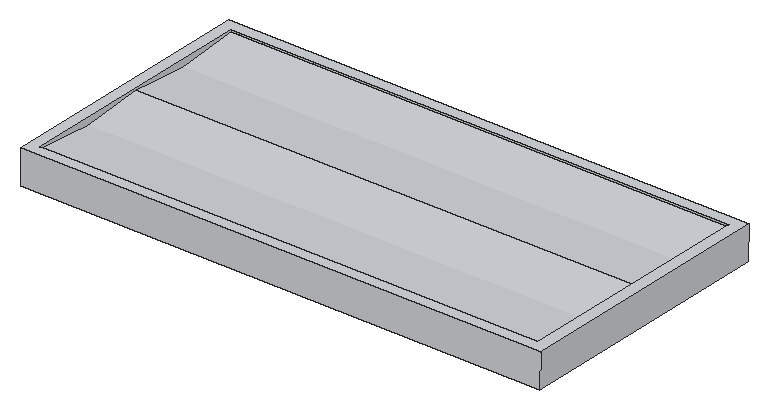
Revit family "127cc85f2d6a4fa5ba61cd666483392e", category Lighting Fixtures, host Face, Revit 2021
Family settings
  Host = Face
  Round Connector Dimension = Use Diameter
  Part Type = Normal
  OmniClass Number = 23.80.70.11.14.17
  OmniClass Title = Direct/Indirect
  Seek Item ID = Recessed Volumetric Light-0000-USA-ENU
  Cut with Voids When Loaded = No
  Light Source = Yes
  Shared = No
  Room Calculation Point = No
Parameters (values of type "2'x4'(2 Lamp) - 277V")
  visible2 = no
  visible1 = yes
  Wattage = 60 W
  built-in parameter 1150110 = 1 (stored number, unit not read)
  built-in parameter 1150109 = 1 (stored number, unit not read)
  built-in parameter 1150134 = 8
  built-in parameter 1150113 = 1 (stored number, unit not read)
  Tilt Angle = -90.00°
  Lumens = 5460 lm
  built-in parameter 1150115 = 1 (stored number, unit not read)
  built-in parameter 1150105 = 434.49 (stored number, unit not read)
  Load Classification = Lighting - Dwelling Unit
  Light Width = 2' - 0"
  built-in parameter 1114217 = 0.95 (stored number, unit not read)
  built-in parameter 1150137 = 1
  built-in parameter 1150139 = (empty or 0)
  Light Length = 4' - 0"
  Light Height = 0' - 3 1/8"
  Light Box Material = none
  Length1 = Light Length / 2  # 2' - 0"
  built-in parameter 1150112 = 1 (stored number, unit not read)
  built-in parameter 1150114 = 1 (stored number, unit not read)
  Lamp = "T5"
  Photometric Web File = "RVL242T5.ies"
  built-in parameter 1150132 = (empty or 0)
  built-in parameter 1150102 = (empty or 0)
  built-in parameter 1150138 = (empty or 0)
  built-in parameter 1150107 = 4230 (stored number, unit not read)
  built-in parameter 1150106 = 4.3449 (stored number, unit not read)
  Height1 = (Light Width - 0' 2") / 4 * tan(80.00°)  # 2' - 7.19205"
  Emit from Rectangle Width = Light Width - 0' 2"  # 1' - 10"
  Emit from Rectangle Length = Light Length - 0' 2"  # 3' - 10"
  Emit Shape Visible in Rendering = no
  built-in parameter 1150104 = 8.4542 (stored number, unit not read)
  Dimming Lamp Color Temperature Shift = <None>
  Diffuser Material = none
  Default Elevation = 4' - 0"
  Color Filter = 16777215
  built-in parameter 1140040 [instance] = 1
  Ballast Voltage = 277 V
  Ballast Number of Poles = 1
  built-in parameter 1114218 = 0.95 (stored number, unit not read)
  built-in parameter 1150133 = 10 (stored number, unit not read)
  Assembly Code = ""
  Apparent Load = 60 VA
Types (8): name | visible2 | visible1 | Wattage | Lumens | built-in parameter 1150105 | Light Width | built-in parameter 1114217 | Light Length | Length1 | Photometric Web File | built-in parameter 1150106 | Height1 | Emit from Rectangle Width | Emit from Rectangle Length | built-in parameter 1150104 | Ballast Voltage | built-in parameter 1114218 | Apparent Load
  2'x2'(2 Lamp) - 120V | no | yes | 55 W | 3520 lm | 280.11 (stored number, unit not read) | 2' - 0" | 1 (stored number, unit not read) | 2' - 0" | 1' - 0" | "RVL222T5.ies" | 2.8011 (stored number, unit not read) | 2' - 7.19205" | 1' - 10" | 1' - 10" | 5.9458 (stored number, unit not read) | 120 V | 1 (stored number, unit not read) | 55 VA
  2'x2'(2 Lamp) - 277V | no | yes | 55 W | 3520 lm | 280.11 (stored number, unit not read) | 2' - 0" | 1 (stored number, unit not read) | 2' - 0" | 1' - 0" | "RVL222T5.ies" | 2.8011 (stored number, unit not read) | 2' - 7.19205" | 1' - 10" | 1' - 10" | 5.9458 (stored number, unit not read) | 277 V | 1 (stored number, unit not read) | 55 VA
  2'x4'(2 Lamp) - 120V | no | yes | 60 W | 5460 lm | 434.49 (stored number, unit not read) | 2' - 0" | 0.95 (stored number, unit not read) | 4' - 0" | 2' - 0" | "RVL242T5.ies" | 4.3449 (stored number, unit not read) | 2' - 7.19205" | 1' - 10" | 3' - 10" | 8.4542 (stored number, unit not read) | 120 V | 0.95 (stored number, unit not read) | 60 VA
  2'x4'(2 Lamp) - 277V | no | yes | 60 W | 5460 lm | 434.49 (stored number, unit not read) | 2' - 0" | 0.95 (stored number, unit not read) | 4' - 0" | 2' - 0" | "RVL242T5.ies" | 4.3449 (stored number, unit not read) | 2' - 7.19205" | 1' - 10" | 3' - 10" | 8.4542 (stored number, unit not read) | 277 V | 0.95 (stored number, unit not read) | 60 VA
  1'x4'(1 Lamp) - 120V | yes | no | 28 W | 2730 lm | 217.25 (stored number, unit not read) | 1' - 0" | 1 (stored number, unit not read) | 4' - 0" | 2' - 0" | "RVL141T5.ies" | 2.1725 (stored number, unit not read) | 1' - 2.1782" | 0' - 10" | 3' - 10" | 9.058 (stored number, unit not read) | 120 V | 1 (stored number, unit not read) | 28 VA
  1'x4'(1 Lamp) - 277V | yes | no | 28 W | 2730 lm | 217.25 (stored number, unit not read) | 1' - 0" | 1 (stored number, unit not read) | 4' - 0" | 2' - 0" | "RVL141T5.ies" | 2.1725 (stored number, unit not read) | 1' - 2.1782" | 0' - 10" | 3' - 10" | 9.058 (stored number, unit not read) | 277 V | 1 (stored number, unit not read) | 28 VA
  1'x4'(2 Lamp) - 120V | yes | no | 58 W | 5460.12 lm | 434.5 (stored number, unit not read) | 1' - 0" | 0.95 (stored number, unit not read) | 4' - 0" | 2' - 0" | "RVL142T5.ies" | 4.345 (stored number, unit not read) | 1' - 2.1782" | 0' - 10" | 3' - 10" | 8.7459 (stored number, unit not read) | 120 V | 0.95 (stored number, unit not read) | 58 VA
  1'x4'(2 Lamp) - 277V | yes | no | 58 W | 5460.12 lm | 434.5 (stored number, unit not read) | 1' - 0" | 0.95 (stored number, unit not read) | 4' - 0" | 2' - 0" | "RVL142T5.ies" | 4.345 (stored number, unit not read) | 1' - 2.1782" | 0' - 10" | 3' - 10" | 8.7459 (stored number, unit not read) | 277 V | 0.95 (stored number, unit not read) | 58 VA
Reference planes (in)
  plane 1 "Center (Front/Back)": y = 0
  plane 2: z = 0
  plane 3 "Center (Left/Right)": x = 0
  plane 4: y = -24
  plane 5: x = -24
  plane 6: x = 24
  plane 7: z = -3.125
  plane 8: y = -12
  plane 9: z = -2.125
  plane 10: x = -23
  plane 11: x = 23
  plane 12: y = -1
  plane 13: y = -23
  plane 14: y = -6.5
  plane 15: y = -17.5
  plane 16: z = 7
  plane 17: z = -7.25
  plane 18: z = -1
  plane 19: z = -1.53125
  plane 20: y = -7
  plane 21: y = -17
  plane 22: z = -2.1192
  plane 23: z = 31.19205
Forms (in)
  Extrusion 1, void
    sketch origin (0, 0, 0) x (1, 0, 0) y (0, 1, 0)
      loop
        line (-24, 0) -> (-24, -24) -> (24, -24) -> (24, 0) -> (-24, 0)
    from -3.125 to 0
  Extrusion 2, solid, material <- "Light Box Material"
    sketch origin (0, 0, 0) x (1, 0, 0) y (0, 1, 0)
      loop
        line (-24, 0) -> (-24, -24) -> (24, -24) -> (24, 0) -> (-24, 0)
      loop
        line (-23, -1) -> (-23, -23) -> (23, -23) -> (23, -1) -> (-23, -1)
    from -3.125 to 0
  Extrusion 3, solid, material <- "Light Box Material"
    sketch origin (0, 0, 0) x (0, 1, 0) y (0, 0, 1)
      loop
        line (0, -3.125) -> (0, 0) -> (-1, 0) -> (-1, -2.125) -> (-23, -2.125) -> (-23, 0) -> (-24, 0) -> (-24, -3.125) -> (0, -3.125)
    from -24 to 24
  Extrusion 4, solid, material <- "Diffuser Material", visible <- "visible1"
    sketch origin (0, 0, 0) x (0, 1, 0) y (0, 0, 1)
      loop
        arc (-1, -0.13131) -> (-6.5, -0.61051) -> (-12, -0.13131) r 31.80256
        arc (-12, -0.13131) -> (-17.5, -0.61051) -> (-23, -0.13131) r 31.80256
        line (-23, -0.13131) -> (-23, -2.125) -> (-1, -2.125) -> (-1, -0.13131)
    from -23 to 23
  Extrusion 5, solid, material <- "Diffuser Material", visible <- "visible2"
    sketch origin (0, 0, 0) x (0, 1, 0) y (0, 0, 1)
      loop
        arc (-7, 0) -> (-12, -1.60233) -> (-17, 0) r 8.60233
        line (-17, 0) -> (-17, -2.1192) -> (-7, -2.1192) -> (-7, 0)
    from -23 to 23
Cuts and joins
  joined: Extrusion 2, Extrusion 3
Lines and regions (in)
  symbolic lines
    curve 1: line (-24, 0, 0) -> (24, 0, 0)
    curve 2: line (-24, -24, 0) -> (-24, 0, 0)
    curve 3: line (24, -24, 0) -> (-24, -24, 0)
    curve 4: line (24, 0, 0) -> (24, -24, 0)
  symbolic lines, detail levels coarse+medium
    curve 5: line (-24, 0, 0) -> (24, -24, 0)
Dimensions and locks (in)
  "Length1": plane 5 to plane 3 "Center (Left/Right)"
  "Light Length": plane 5 to plane 6
  "Light Width": plane 1 "Center (Front/Back)" to plane 4
  "Light Height": plane 2 to plane 7
  equal spacing: plane 4, plane 8, plane 1 "Center (Front/Back)"
  locked: plane 9 to plane 7 at 1
  locked: plane 5 to plane 10 at 1
  locked: plane 11 to plane 6 at 1
  locked: plane 1 "Center (Front/Back)" to plane 12 at 1
  locked: plane 13 to plane 4 at 1
  plane 16 to plane 2 = 0' - 7"
  equal spacing: plane 12, plane 14, plane 8
  equal spacing: plane 8, plane 15, plane 13
  plane 2 to plane 18 = 0' - 1"
  plane 18 to plane 17 = 0' - 6 1/4"
  plane 19 to plane 9 = 0' - 0 19/32"
  locked: plane 20 to plane 8 at 5
  locked: plane 8 to plane 21 at 5
  locked: plane 2 to plane 22 at 2.1192
  "Height1": plane 23 to plane 2
  aligned and locked: plane 2 to host face
  aligned and locked: level to host face
  aligned and locked: plane 5 to curve 1
  aligned and locked: plane 1 "Center (Front/Back)" to curve 1
  aligned and locked: plane 4 to curve 4
  aligned and locked: curve 4 to plane 6
  aligned and locked: plane 5 to Extrusion 1 sketch curve
  aligned and locked: Extrusion 1 sketch curve to plane 6
  aligned and locked: plane 1 "Center (Front/Back)" to Extrusion 1 sketch curve
  aligned and locked: plane 4 to Extrusion 1 sketch curve
  aligned and locked: Extrusion 1 to plane 7
  aligned and locked: plane 2 to Extrusion 1
  aligned and locked: plane 5 to Extrusion 2 sketch curve
  aligned and locked: Extrusion 2 sketch curve to plane 6
  aligned and locked: plane 1 "Center (Front/Back)" to Extrusion 2 sketch curve
  aligned and locked: plane 4 to Extrusion 2 sketch curve
  aligned and locked: plane 13 to Extrusion 2 sketch curve
  aligned and locked: plane 11 to Extrusion 2 sketch curve
  aligned and locked: Extrusion 2 sketch curve to plane 12
  aligned and locked: plane 10 to Extrusion 2 sketch curve
  aligned and locked: Extrusion 2 to plane 7
  aligned and locked: plane 2 to Extrusion 2
  aligned and locked: plane 1 "Center (Front/Back)" to Extrusion 3 sketch curve
  aligned and locked: plane 4 to Extrusion 3 sketch curve
  aligned and locked: plane 7 to Extrusion 3 sketch curve
  aligned and locked: plane 9 to Extrusion 3 sketch curve
  aligned and locked: plane 13 to Extrusion 3 sketch curve
  aligned and locked: Extrusion 3 sketch curve to plane 12
  aligned and locked: Extrusion 3 sketch curve to plane 2  (x2)
  aligned and locked: Extrusion 3 to plane 5
  aligned and locked: plane 6 to Extrusion 3
  aligned and locked: plane 12 to Extrusion 4 sketch curve
  aligned and locked: Extrusion 4 sketch curve to plane 9
  aligned and locked: Extrusion 4 sketch curve to plane 13
  aligned and locked: plane 14 to Extrusion 4 sketch curve
  aligned and locked: plane 15 to Extrusion 4 sketch curve
  aligned and locked: Extrusion 4 to plane 10
  aligned and locked: Extrusion 4 to plane 11
  aligned and locked: Extrusion 5 sketch curve to plane 20
  aligned and locked: plane 21 to Extrusion 5 sketch curve
  aligned and locked: Extrusion 5 sketch curve to plane 22
  aligned and locked: plane 16 to Extrusion 5 sketch curve
  aligned and locked: plane 8 to Extrusion 5 sketch curve
  aligned and locked: Extrusion 5 to plane 10
  aligned and locked: Extrusion 5 to plane 11
  aligned and locked: plane 23 to Extrusion 4 sketch curve  (x2)
  aligned and locked: plane 3 "Center (Left/Right)" to imposter light
  aligned and locked: plane 2 to imposter light
  aligned and locked: plane 8 to imposter light
Automatic sketch dimensions
  host sketch curve to host sketch curve = 8' - 0"  (x2)
  Extrusion 4 sketch curve to plane 8 = 0' - 0"
  Extrusion 4 sketch curve to level = 0' - 0.13131"
  Extrusion 5 sketch curve to level = 0' - 0"
Connectors (in)
  electrical at (0, -12, -3.125), driven by "Apparent Load", driven by "Ballast Voltage", driven by "Ballast Number of Poles", driven by "Load Classification"
    settings: on cut or joined group of Extrusion 2, Extrusion 3, index 1, voltage 277 V, apparent load 0 VA, apparent load phase1 60 VA, apparent load phase2 0 VA, apparent load phase3 0 VA, power factor 0.95, load classification "Lighting - Dwelling Unit", number of poles 1, system type 31, power factor state 1, is connector primary yes, connector utility no, sub classification motor no, connector description ""
